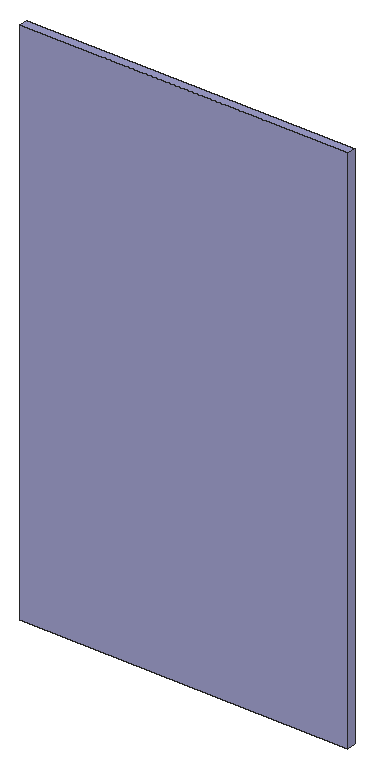
Revit family "EXP_WT-4_CPan-003", category Curtain Panels, Revit 2021
Family settings
  OmniClass Number = 23.25.20.14.11.11.17
  OmniClass Title = Infill Panels
  Always vertical = Yes
  Cut with Voids When Loaded = No
  Shared = No
Parameters
  UI-UnitNumber [instance] = "001"
  UI-Quadrant [instance] = "SE"
  UI-ProjectAbbreviation = "NEU"
  UI-ItemCategory = "PID"
  UI-FloorNumber [instance] = "03"
  PNT-WallType = "WT4"
  PNT-ProjectAbbreviation = "NEU"
  PNT-ItemCategory = "PNL"
  GlassSPH [instance] = 0' - 2 3/8"
  GlassH1 = IG-9F(Glass)
  GMPI-PanelType [instance] = "01"
  Define Thermal Properties by = Schematic Type
  CellSp = 0' - 7 3/4"
  CellL [instance] = 8' - 0"
  CellHTot = 12' - 11"
  CellH2 = 8' - 5 1/2"
  CellH1 [instance] = CellH  # 12' - 11"
  CellH [instance] = 12' - 11"
  CellAngle = 88.71°
  Analytic Construction = "<None>"
Reference planes (in)
  plane 1 "Center (Front/Back)": y = 0
  plane 2: z = 0
  plane 3 "Center (Left/Right)": x = 0
  plane 4 "Left": x = -48
  plane 5 "Right": x = 48
  plane 6 "Top": z = 155
  plane 7: y = -7.75
Forms (in)
  Extrusion 1, solid, material "IG-9F(Glass)" <- "GlassH1", detail levels coarse+medium
    sketch origin (0, 0, 0) x (1, 0, 0) y (0, 1, 0)
      loop
        line (-47.82548, -7.75) -> (47.82548, -7.75) -> (48, 0) -> (-48, 0) -> (-47.82548, -7.75)
    from 0 to 155
Lines and regions (in)
  reference lines
    curve 1: line (-48, 0, 0) -> (-47.43718, -24.99366, 0)
    curve 2: line (48, 0, 0) -> (47.25708, -32.99164, 0)
    curve 4: line (-47.82548, -7.75, 0) -> (-47.82548, 2, 0)
    curve 5: line (47.82548, -7.75, 0) -> (47.82548, 5, 0)
  model lines
    curve 3: line (47.45416, -5.71457, 0) -> (49.45416, -5.71457, 0)
Text (in)
  text "Exterior" at (-92.59733, 55.75508, 0), in view "Ref. Level"
  text "Exterior" at (0, 90.18664, 173.49264), in view "Left"
  text "Exterior" at (0, 52.29083, 162.21847), in view "Right"
Dimensions and locks (in)
  equal spacing: plane 4 "Left", plane 3 "Center (Left/Right)", plane 5 "Right"  (x2)
  "CellL": plane 4 "Left" to plane 5 "Right"
  "CellH": plane 2 to plane 6 "Top"
  "CellSp": plane 7 to plane 1 "Center (Front/Back)"
  "CellAngle": angle curve 1 to plane 1 "Center (Front/Back)"
  "CellAngle": angle plane 1 "Center (Front/Back)" to curve 2
  locked: plane 7 to curve 4 (angle 90.00°)
  locked: curve 5 to plane 7 (angle 90.00°)
  aligned and locked: level to plane 2
  aligned and locked: plane 5 "Right" to nested 1
  aligned and locked: Extrusion 1 sketch curve to plane 7
  aligned and locked: Extrusion 1 sketch curve to curve 2
  aligned and locked: Extrusion 1 sketch curve to plane 1 "Center (Front/Back)"
  aligned and locked: Extrusion 1 sketch curve to curve 1
  aligned and locked: Extrusion 1 to plane 6 "Top"
  aligned and locked: Extrusion 1 to plane 2
  aligned and locked: nested 1 to plane 7
  aligned and locked: plane 7 to nested 2
  aligned and locked: nested 2 to plane 6 "Top"
  aligned and locked: plane 2 to nested 2
  aligned and locked: nested 2 to curve 4
  aligned and locked: nested 2 to curve 5
Automatic sketch dimensions
  plane 5 "Right" to curve 3 = 0' - 0.54584"
  plane 7 to curve 3 = 0' - 2.03543"
  curve 3 to plane 5 "Right" = 0' - 1.45416"
  plane 1 "Center (Front/Back)" to curve 1 = 0' - 0"
  curve 1 to plane 4 "Left" = 0' - 0"
  curve 4 to plane 7 = 0' - 0"
  curve 5 to plane 7 = 0' - 0"
  plane 1 "Center (Front/Back)" to curve 2 = 0' - 0"
  curve 2 to plane 5 "Right" = 0' - 0"
Nested families (in)
  nested 1: "EXP_xx_DetO-002" at (0, -7.75, 0), CellH <- "CellH", CellL <- "CellL", type "EXP_xx_DetO-002", detail levels coarse
    with CellL 8' - 0", CellH 12' - 11"
  nested 2: "EXP_WT-1x_IG-009" at (0, -7.75, 77.5) x (-1, 0, 0) z (0, 0, 1), MaterialGlass <- "GlassH1", GlassSP <- "GlassSPH", type "EXP_WT-1x_IG-009", detail levels fine
    with MaterialGlass IG-9F(Glass), GlassH 12' - 10", CellL 7' - 11.65096", CellH 12' - 11", GlassL 7' - 10.65096"
Definition of nested family "EXP_WT-1x_IG-009"
  Parameters (values of type "H _ GlassSP = 2 3/8"")
    MaterialGlass [instance] = none
    GlassSP [instance] = 0' - 2 3/8"
    GlassL [instance] = 4' - 0.32467"
    GlassH [instance] = 8' - 8.24188"
    GlassD4 = 0' - 0 1/2"
    GlassD3 = 0' - 0 1/2"
    GlassD2 = 0' - 0 1/2"
    GlassD1 = 0' - 0 1/2"
    GMPI-ProjectAbbreviation = "NEU"
    GMPI-IteamCategory = "GLS"
    Default Elevation = 0' - 0"
    CellL [instance] = 4' - 1.32467"
    CellH [instance] = 8' - 9.24188"
    CellAngle = 88.91°
  Reference planes (in)
    plane 1 "Center (Front/Back)": y = 0
    plane 2: z = 0
    plane 3 "Center (Left/Right)": x = 0
    plane 4: x = -24.66234
    plane 5: x = 24.66234
    plane 6: z = 52.62094
    plane 7: z = -52.62094
    plane 8: z = 52.12094
    plane 9: z = -52.12094
    plane 10: y = -2.375
  Forms (in)
    Extrusion 1, solid, material <- "MaterialGlass"
      sketch origin (0, 0, 0) x (1, 0, 0) y (0, 1, 0)
        loop
          line (-24.16234, 0) -> (-24.16234, -2.375) -> (24.16234, -2.375) -> (24.16234, 0) -> (-24.16234, 0)
      from -52.12094 to 52.12094
  Lines and regions (in)
    reference lines
      curve 1: line (-24.66234, 0, 0) -> (-24.31783, -18.10696, 0)
      curve 2: line (24.66234, 0, 0) -> (24.3328, -17.3197, 0)
      curve 3: line (-24.16234, -2.375, 0) -> (-24.16234, 2.09843, 0)
      curve 4: line (24.16234, -2.375, 0) -> (24.16234, 3.27953, 0)
  Dimensions and locks (in)
    equal spacing: plane 6, level, plane 7
    "CellH": plane 6 to plane 7
    "GlassD2": plane 6 to plane 8
    "GlassD4": plane 9 to plane 7
    equal spacing: plane 4, plane 3 "Center (Left/Right)", plane 5
    "CellL": plane 4 to plane 5
    "GlassSP": plane 10 to plane 1 "Center (Front/Back)"
    "GlassD1": plane 4 to curve 3
    "GlassD3": curve 4 to plane 5
    "GlassL": curve 3 to curve 4
    "CellAngle": angle curve 1 to plane 1 "Center (Front/Back)"
    "CellAngle": angle plane 1 "Center (Front/Back)" to curve 2
    aligned and locked: level to plane 2
    aligned and locked: plane 1 "Center (Front/Back)" to Extrusion 1 sketch curve
    aligned and locked: plane 10 to Extrusion 1 sketch curve
    aligned and locked: plane 8 to Extrusion 1
    aligned and locked: Extrusion 1 to plane 9
    aligned and locked: Extrusion 1 to curve 3
    aligned and locked: Extrusion 1 to curve 4
  Automatic sketch dimensions
    Extrusion 1 sketch curve to plane 4 = 0' - 0 1/2"
    plane 5 to Extrusion 1 sketch curve = 0' - 0 1/2"
    plane 1 "Center (Front/Back)" to curve 1 = 0' - 0"
    curve 1 to plane 4 = 0' - 0"
    plane 1 "Center (Front/Back)" to curve 2 = 0' - 0"
    curve 2 to plane 5 = 0' - 0"
    curve 3 to plane 10 = 0' - 0"
    curve 4 to plane 10 = 0' - 0"
    curve 3 to plane 1 "Center (Front/Back)" = 0' - 2.09843"
    curve 4 to plane 1 "Center (Front/Back)" = 0' - 3.27953"
Definition of nested family "EXP_xx_DetO-002"
  Parameters (values of type "EXP_xx_DetO-002")
    Default Elevation = 0' - 0"
    CellL [instance] = 5' - 4.56693"
    CellH [instance] = 5' - 2.99213"
  Reference planes (in)
    plane 1 "Center (Front/Back)": y = 0
    plane 2: z = 0
    plane 3 "Center (Left/Right)": x = 0
    plane 4: x = -32.28346
    plane 5: x = 32.28346
    plane 6: z = 62.99213
  Lines and regions (in)
    model lines
      curve 1: line (-32.28346, 0, 62.99213) -> (32.28346, 0, 0)
      curve 2: line (32.28346, 0, 62.99213) -> (-32.28346, 0, 0)
  Dimensions and locks (in)
    "CellH": plane 6 to level
    equal spacing: plane 4, plane 3 "Center (Left/Right)", plane 5
    "CellL": plane 4 to plane 5
    aligned and locked: level to plane 2
  Automatic sketch dimensions
    curve 2 to level = 0' - 0"
    plane 4 to curve 2 = 0' - 0"
    plane 4 to curve 1 = 0' - 0"
    plane 5 to curve 2 = 0' - 0"
    curve 1 to level = 0' - 0"
    plane 5 to curve 1 = 0' - 0"
    curve 2 to plane 6 = 0' - 0"
    curve 1 to plane 6 = 0' - 0"
